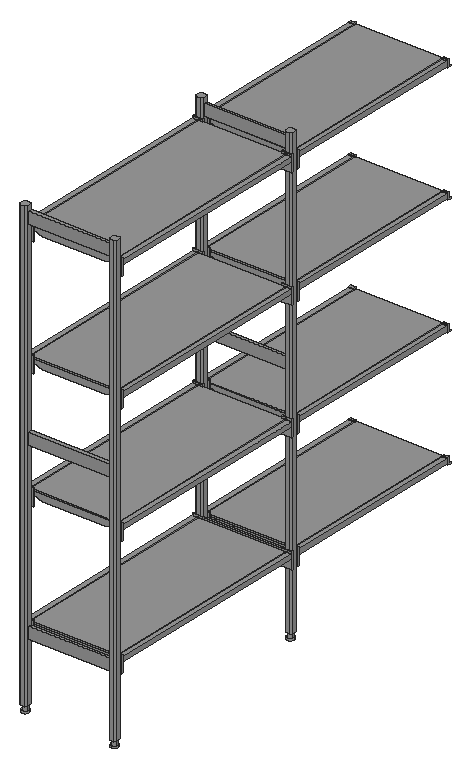
Revit family "QF_ZANUSSI_137059_ACS1574", category Attrezzature speciali, Revit 2020
Family settings
  Quota connettore circolare = Usa diametro
  Tipo di parte = Normale
  Basato su piano di lavoro = No
  Sempre verticale = Sì
  Taglio con vuoti quando caricato = No
  Condiviso = No
  Punto di calcolo locali = No
Parameters (values of type "Standard")
  Weight = 27.00 kg
  Watts = 0 W
  Volts = 0 V
  URL Manufacturer = "http://www.zanussiprofessional.com"
  URL = "http://www.zanussiprofessional.com"
  Steam Supply Size = 0 mm
  Steam Supply Minimum Pressure = 0.0 Pa
  Steam Supply Maximum Pressure = 0.0 Pa
  Steam Consumption per Hour = 0
  Refrigeration Suction Line Size = 0.0 mm
  Refrigeration Liquid Line Size = 0.0 mm
  Refrigerant Compressor Remote = yes
  Prospetto di default = 0.0 mm
  Phase = 0
  Modello = "ACS1574"
  Produttore = "Zanussi"
  Length Actual = 1578.0 mm  # constant formula
  Item Number = "137059"
  Hot Water Size = 0 mm
  Height Actual = 1700.0 mm  # constant formula
  HP = "0 HP"
  Gas Size = 0 mm
  Gas KW = 0
  Gas Input Pressure = 0 W
  Direct Waste Size = 0 mm
  Descrizione = "ALUM.CORNER SHELV.-POLY.TIERS-373X1578MM"
  Depth Actual = 373.0 mm  # constant formula
  Cycle = 0 Hz
  Condensate Return Size = 0 mm
  Compressed Air Volume = 0.0 L/s
  Compressed Air Size = 0 mm
  Compressed Air Pressure = 0.0 Pa
  Cold Water Size = 0 mm
  Accessory = yes
Reference planes
  plane 1: z = 0
  plane 2 "CenterLeft": y = -535.5
  plane 3 "FRONT": y = -921.5
  plane 4 "LEFT": x = 192.5
  plane 5 "RIGHT": x = 565.5
  plane 6 "TOP": z = 1700
  plane 7: y = -889.5
  plane 8: y = -91.5
  plane 9 "Center (Left/Back)": x = 379
  plane 10: x = 205
  plane 11: x = 515
  plane 12 "FEET": z = 25
  plane 13: z = 275
  plane 14: z = 725
  plane 15: z = 1175
  plane 16: z = 1625
  plane 17 "CXLeft": y = -907.5
  plane 18 "Center (Front/Back)": y = -73.5
  plane 19 "CYFront": x = 510
  plane 20: y = 652.5
  plane 21: y = -55.5
  plane 22 "BACK": y = 656.5
  plane 23 "LEFT_ORIGIN": x = 158.5
  plane 24 "BACK_ORIGIN": y = 1029.5
Forms (mm)
  Extrusion 1, solid, material "QF_Aluminum"
    sketch origin (38.022, -921.5, -4.006) x (-1, 0, 0) y (0, 0, 1)
      loop
        line (-189.5, 1637.003) -> (-173.5, 1637.003) -> (-173.5, 1655) -> (-175.493, 1655) -> (-175.493, 1648.501) -> (-506.5, 1648.501) -> (-506.5, 1655) -> (-508.5, 1655) -> (-508.5, 1637.003) -> (-492.5, 1637.003) -> (-458.5, 1625) -> (-223.5, 1625) -> (-189.5, 1637.003)
      loop
        line (-189.5, 1187.003) -> (-173.5, 1187.003) -> (-173.5, 1205) -> (-175.493, 1205) -> (-175.493, 1198.501) -> (-506.5, 1198.501) -> (-506.5, 1205) -> (-508.5, 1205) -> (-508.5, 1187.003) -> (-492.5, 1187.003) -> (-458.5, 1175) -> (-223.5, 1175) -> (-189.5, 1187.003)
      loop
        line (-189.5, 737.003) -> (-173.5, 737.003) -> (-173.5, 755) -> (-175.493, 755) -> (-175.493, 748.501) -> (-506.5, 748.501) -> (-506.5, 755) -> (-508.5, 755) -> (-508.5, 737.003) -> (-492.5, 737.003) -> (-458.5, 725) -> (-223.5, 725) -> (-189.5, 737.003)
      loop
        line (-189.5, 287.003) -> (-173.5, 287.003) -> (-173.5, 305) -> (-175.493, 305) -> (-175.493, 298.501) -> (-506.5, 298.501) -> (-506.5, 305) -> (-508.5, 305) -> (-508.5, 287.003) -> (-492.5, 287.003) -> (-458.5, 275) -> (-223.5, 275) -> (-189.5, 287.003)
    from 37 to 32
  Extrusion 2, solid, material "QF_Aluminum"
    sketch origin (38.022, -921.5, 0) x (-1, 0, 0) y (0, 0, 1)
      loop
        line (-154.478, 246.005) -> (-154.478, 307.993) -> (-190.471, 307.993) -> (-190.471, 246.005) -> (-154.478, 246.005)
      loop
        line (-527.478, 246.005) -> (-491.484, 246.005) -> (-491.484, 307.993) -> (-527.478, 307.993) -> (-527.478, 246.005)
      loop
        line (-154.478, 696.005) -> (-154.478, 757.993) -> (-190.471, 757.993) -> (-190.471, 696.005) -> (-154.478, 696.005)
      loop
        line (-527.478, 696.005) -> (-491.484, 696.005) -> (-491.484, 757.993) -> (-527.478, 757.993) -> (-527.478, 696.005)
      loop
        line (-154.478, 1146.005) -> (-154.478, 1207.993) -> (-190.471, 1207.993) -> (-190.471, 1146.005) -> (-154.478, 1146.005)
      loop
        line (-527.478, 1146.005) -> (-491.484, 1146.005) -> (-491.484, 1207.993) -> (-527.478, 1207.993) -> (-527.478, 1146.005)
      loop
        line (-154.478, 1596.005) -> (-154.478, 1657.993) -> (-190.471, 1657.993) -> (-190.471, 1596.005) -> (-154.478, 1596.005)
      loop
        line (-527.478, 1596.005) -> (-491.484, 1596.005) -> (-491.484, 1657.993) -> (-527.478, 1657.993) -> (-527.478, 1596.005)
    from 28 to 32
  Extrusion 3, solid, material "QF_Aluminum"
    sketch origin (38.022, -921.5, 0) x (-1, 0, 0) y (0, 0, 1)
      loop
        line (-154.5, 1650.994) -> (-173.5, 1650.994) -> (-173.5, 1632.998) -> (-154.5, 1632.998) -> (-154.5, 1650.994)
      loop
        line (-154.5, 1200.994) -> (-173.5, 1200.994) -> (-173.5, 1182.998) -> (-154.5, 1182.998) -> (-154.5, 1200.994)
      loop
        line (-154.5, 750.994) -> (-173.5, 750.994) -> (-173.5, 732.998) -> (-154.5, 732.998) -> (-154.5, 750.994)
      loop
        line (-154.5, 300.994) -> (-173.5, 300.994) -> (-173.5, 282.998) -> (-154.5, 282.998) -> (-154.5, 300.994)
      loop
        line (-527.455, 1650.994) -> (-527.455, 1632.998) -> (-508.455, 1632.998) -> (-508.455, 1650.994) -> (-527.455, 1650.994)
      loop
        line (-527.455, 1200.994) -> (-527.455, 1182.998) -> (-508.455, 1182.998) -> (-508.455, 1200.994) -> (-527.455, 1200.994)
      loop
        line (-527.455, 750.994) -> (-527.455, 732.998) -> (-508.455, 732.998) -> (-508.455, 750.994) -> (-527.455, 750.994)
      loop
        line (-527.455, 300.994) -> (-527.455, 282.998) -> (-508.455, 282.998) -> (-508.455, 300.994) -> (-527.455, 300.994)
    from 32 to 830
  Extrusion 4, solid, material "QF_Polyethylene"
    sketch origin (38.022, -921.5, 0) x (-1, 0, 0) y (0, 0, 1)
      loop
        line (-175.493, 1650.994) -> (-506.5, 1650.994) -> (-506.5, 1644.496) -> (-175.493, 1644.496) -> (-175.493, 1650.994)
      loop
        line (-175.493, 1200.994) -> (-506.5, 1200.994) -> (-506.5, 1194.496) -> (-175.493, 1194.496) -> (-175.493, 1200.994)
      loop
        line (-175.493, 750.994) -> (-506.5, 750.994) -> (-506.5, 744.496) -> (-175.493, 744.496) -> (-175.493, 750.994)
      loop
        line (-175.493, 300.994) -> (-506.5, 300.994) -> (-506.5, 294.496) -> (-175.493, 294.496) -> (-175.493, 300.994)
    from 32 to 830
  Extrusion 5, solid, material "QF_Aluminum"
    sketch origin (38.022, 684.5, 0) x (-1, 0, 0) y (0, 0, 1)
      loop
        line (-154.5, 1650.994) -> (-173.5, 1650.994) -> (-173.5, 1632.998) -> (-154.5, 1632.998) -> (-154.5, 1650.994)
      loop
        line (-508.5, 1650.994) -> (-527.455, 1650.994) -> (-527.455, 1632.998) -> (-508.5, 1632.998) -> (-508.5, 1650.994)
      loop
        line (-154.5, 1200.994) -> (-173.5, 1200.994) -> (-173.5, 1182.998) -> (-154.5, 1182.998) -> (-154.5, 1200.994)
      loop
        line (-508.5, 1200.994) -> (-527.455, 1200.994) -> (-527.455, 1182.998) -> (-508.5, 1182.998) -> (-508.5, 1200.994)
      loop
        line (-154.5, 750.994) -> (-173.5, 750.994) -> (-173.5, 732.998) -> (-154.5, 732.998) -> (-154.5, 750.994)
      loop
        line (-508.5, 750.994) -> (-527.455, 750.994) -> (-527.455, 732.998) -> (-508.5, 732.998) -> (-508.5, 750.994)
      loop
        line (-154.5, 300.994) -> (-173.5, 300.994) -> (-173.5, 282.998) -> (-154.5, 282.998) -> (-154.5, 300.994)
      loop
        line (-508.5, 300.994) -> (-527.455, 300.994) -> (-527.455, 282.998) -> (-508.5, 282.998) -> (-508.5, 300.994)
    from -32 to -740
  Extrusion 6, solid, material "QF_Polyethylene"
    sketch origin (38.022, 684.5, 0) x (-1, 0, 0) y (0, 0, 1)
      loop
        line (-175.493, 1650.994) -> (-506.5, 1650.994) -> (-506.5, 1644.496) -> (-175.493, 1644.496) -> (-175.493, 1650.994)
      loop
        line (-175.493, 1200.994) -> (-506.5, 1200.994) -> (-506.5, 1194.496) -> (-175.493, 1194.496) -> (-175.493, 1200.994)
      loop
        line (-175.493, 750.994) -> (-506.5, 750.994) -> (-506.5, 744.496) -> (-175.493, 744.496) -> (-175.493, 750.994)
      loop
        line (-175.493, 300.994) -> (-506.5, 300.994) -> (-506.5, 294.496) -> (-175.493, 294.496) -> (-175.493, 300.994)
    from -32 to -740
Lines and regions (mm)
  symbolic lines
    curve 1: line (205, -912.5, 1700) -> (515, -912.5, 1700)
    curve 2: line (515, -902.5, 1700) -> (205, -902.5, 1700)
    curve 3: line (192.5, -893.5, 1700) -> (192.5, -87.5, 1700)
    curve 4: line (565.5, -889.5, 1700) -> (565.5, -91.5, 1700)
    curve 5: line (192.5, -59.5, 1700) -> (192.5, 656.5, 1700)
    curve 6: line (565.5, -59.5, 1700) -> (565.5, 656.5, 1700)
    curve 7: line (211.522, 652.5, 1700) -> (510.507, 652.5, 1700)
    curve 8: line (211.522, -91.5, 1700) -> (510.507, -91.5, 1700)
    curve 9: line (510.507, -55.5, 1700) -> (211.522, -55.5, 1700)
    curve 10: line (211.522, -889.5, 1700) -> (510.507, -889.5, 1700)
    curve 11: line (211.522, -889.5, 1700) -> (211.522, -91.5, 1700)
    curve 12: line (546.478, -91.5, 1700) -> (546.478, -889.5, 1700)
    curve 13: line (211.522, -55.5, 1700) -> (211.522, 652.5, 1700)
    curve 14: line (546.522, 652.5, 1700) -> (546.522, -145.5, 1700)
Dimensions and locks
  plane 3 "FRONT" to plane 2 "CenterLeft" = 386.0 mm
  locked: plane 6 "TOP" to level at 1700
  locked: plane 7 to plane 8 at 798
  locked: plane 10 to plane 11 at 310
  plane 10 to plane 9 "Center (Left/Back)" to plane 11 = 174.0 mm, 136.0 mm
  equal spacing: plane 4 "LEFT", plane 9 "Center (Left/Back)", plane 5 "RIGHT"
  plane 12 "FEET" to level = 25.0 mm
  plane 6 "TOP" to plane 12 "FEET" = 1675.0 mm
  plane 13 to plane 12 "FEET" = 250.0 mm
  plane 14 to plane 13 = 450.0 mm
  plane 15 to plane 14 = 450.0 mm
  plane 16 to plane 15 = 450.0 mm
  plane 19 "CYFront" to Extrusion 1 sketch curve = 34.522 mm
  locked: plane 21 to plane 20 at 708
  locked: plane 8 to plane 18 "Center (Front/Back)" at 18
  locked: plane 18 "Center (Front/Back)" to plane 21 at 18
  locked: plane 3 "FRONT" to plane 7 at 32
  locked: plane 4 "LEFT" to plane 5 "RIGHT" at 373
  locked: plane 23 "LEFT_ORIGIN" to plane 5 "RIGHT" at 407
  locked: plane 22 "BACK" to plane 24 "BACK_ORIGIN" at 373
  locked: plane 22 "BACK" to plane 3 "FRONT" at 1578
  aligned and locked: level to plane 1
  aligned and locked: Extrusion 1 to plane 7
  aligned and locked: plane 7 to Extrusion 2
  aligned and locked: Extrusion 4 to plane 7
  aligned and locked: plane 8 to Extrusion 4
  aligned and locked: Extrusion 3 to plane 7
  aligned and locked: plane 8 to Extrusion 3
  aligned and locked: Extrusion 1 sketch curve to Extrusion 1 sketch curve  (x3)
  aligned and locked: Extrusion 4 sketch curve to Extrusion 1  (x4)
  aligned and locked: Extrusion 5 sketch curve to Extrusion 5 sketch curve  (x2)
  aligned and locked: Extrusion 5 to plane 21  (x5)
  aligned and locked: Extrusion 6 to plane 21  (x5)
  aligned and locked: nested 2 to plane 18 "Center (Front/Back)"
  aligned and locked: nested 1 to plane 17 "CXLeft"
  aligned and locked: plane 7 to Extrusion 3  (x3)
  aligned and locked: Extrusion 3 to plane 8  (x4)
  aligned and locked: Extrusion 4 to plane 8  (x4)
  aligned and locked: plane 20 to Extrusion 5
  aligned and locked: plane 20 to Extrusion 6
  aligned and locked: Extrusion 5 to plane 20  (x3)
  aligned and locked: Extrusion 6 to plane 20  (x3)
  aligned and locked: plane 9 "Center (Left/Back)" to nested 2
  aligned and locked: nested 3 to plane 22 "BACK"
Automatic sketch dimensions
  curve 1 to plane 10 = 0.0 mm
  curve 1 to plane 11 = 0.0 mm
  curve 2 to plane 10 = 0.0 mm
  curve 2 to plane 11 = 0.0 mm
  curve 3 to plane 4 "LEFT" = 0.0 mm
  plane 7 to curve 10 = 0.0 mm
  curve 4 to plane 5 "RIGHT" = 0.0 mm
  plane 7 to curve 4 = 0.0 mm
  plane 8 to curve 8 = 0.0 mm
  plane 8 to curve 4 = 0.0 mm
  curve 6 to plane 5 "RIGHT" = 0.0 mm
  curve 5 to plane 4 "LEFT" = 0.0 mm
  curve 9 to plane 21 = 0.0 mm
  plane 20 to curve 7 = 0.0 mm
  plane 7 to curve 3 = 4.0 mm
  plane 17 "CXLeft" to curve 2 = 5.0 mm
  curve 1 to plane 17 "CXLeft" = 5.0 mm
  curve 3 to plane 8 = 4.0 mm
  curve 6 to plane 21 = 4.0 mm
  curve 5 to plane 21 = 4.0 mm
  curve 6 to plane 20 = 4.0 mm
  curve 5 to plane 20 = 4.0 mm
  plane 11 to curve 10 = 4.493 mm
  plane 11 to curve 9 = 4.493 mm
  plane 11 to curve 8 = 4.493 mm
  plane 11 to curve 7 = 4.493 mm
  curve 8 to plane 10 = 6.522 mm
  curve 7 to plane 10 = 6.522 mm
  Extrusion 1 sketch curve to plane 19 "CYFront" = 36.522 mm  (x4)
  Extrusion 1 sketch curve to plane 11 = 15.522 mm  (x4)
  Extrusion 1 sketch curve to plane 13 = 4.006 mm
  Extrusion 1 sketch curve to Extrusion 1 sketch curve = 34.0 mm  (x4)
  Extrusion 1 sketch curve to plane 14 = 4.006 mm
  Extrusion 1 sketch curve to plane 15 = 4.006 mm
  Extrusion 1 sketch curve to plane 16 = 4.006 mm
  Extrusion 1 sketch curve to plane 10 = 56.522 mm  (x4)
  Extrusion 1 sketch curve to plane 10 = 22.522 mm  (x4)
  plane 13 to Extrusion 1 sketch curve = 7.998 mm  (x2)
  Extrusion 1 sketch curve to Extrusion 1 sketch curve = 11.498 mm  (x4)
  Extrusion 1 sketch curve to Extrusion 1 sketch curve = 6.499 mm  (x8)
  plane 14 to Extrusion 1 sketch curve = 7.998 mm  (x2)
  plane 15 to Extrusion 1 sketch curve = 7.998 mm  (x2)
  plane 16 to Extrusion 1 sketch curve = 7.998 mm  (x2)
  Extrusion 2 sketch curve to plane 5 "RIGHT" = 0.0 mm  (x4)
  Extrusion 2 sketch curve to plane 4 "LEFT" = 0.0 mm  (x4)
  Extrusion 2 sketch curve to plane 11 = 14.507 mm  (x4)
  Extrusion 2 sketch curve to plane 10 = 23.493 mm  (x4)
  Extrusion 2 sketch curve to plane 13 = 28.995 mm  (x2)
  plane 13 to Extrusion 2 sketch curve = 32.993 mm  (x2)
  Extrusion 2 sketch curve to plane 14 = 28.995 mm  (x2)
  plane 14 to Extrusion 2 sketch curve = 32.993 mm  (x2)
  Extrusion 2 sketch curve to plane 15 = 28.995 mm  (x2)
  plane 15 to Extrusion 2 sketch curve = 32.993 mm  (x2)
  Extrusion 2 sketch curve to plane 16 = 28.995 mm  (x2)
  plane 16 to Extrusion 2 sketch curve = 32.993 mm  (x2)
  plane 13 to Extrusion 4 sketch curve = 19.496 mm
  Extrusion 4 sketch curve to Extrusion 4 sketch curve = 6.499 mm  (x4)
  plane 14 to Extrusion 4 sketch curve = 19.496 mm
  plane 15 to Extrusion 4 sketch curve = 19.496 mm
  plane 16 to Extrusion 4 sketch curve = 19.496 mm
  plane 5 "RIGHT" to Extrusion 5 sketch curve = 0.022 mm  (x4)
  Extrusion 5 sketch curve to plane 4 "LEFT" = 19.022 mm  (x4)
  Extrusion 5 sketch curve to plane 19 "CYFront" = 36.522 mm  (x2)
  plane 13 to Extrusion 5 sketch curve = 7.998 mm  (x2)
  Extrusion 5 sketch curve to Extrusion 5 sketch curve = 17.997 mm  (x8)
  plane 14 to Extrusion 5 sketch curve = 7.998 mm  (x2)
  plane 15 to Extrusion 5 sketch curve = 7.998 mm  (x2)
  plane 16 to Extrusion 5 sketch curve = 7.998 mm  (x2)
  Extrusion 6 sketch curve to plane 19 "CYFront" = 34.522 mm  (x4)
  plane 13 to Extrusion 6 sketch curve = 19.496 mm
  Extrusion 6 sketch curve to Extrusion 6 sketch curve = 6.499 mm  (x4)
  plane 14 to Extrusion 6 sketch curve = 19.496 mm
  plane 15 to Extrusion 6 sketch curve = 19.496 mm
  plane 16 to Extrusion 6 sketch curve = 19.496 mm
  plane 5 "RIGHT" to Extrusion 3 sketch curve = 0.022 mm  (x4)
  Extrusion 3 sketch curve to Extrusion 3 sketch curve = 19.0 mm  (x4)
  plane 14 to Extrusion 3 sketch curve = 7.998 mm  (x2)
  Extrusion 3 sketch curve to plane 10 = 6.522 mm  (x4)
  Extrusion 3 sketch curve to plane 4 "LEFT" = 0.022 mm  (x4)
  plane 13 to Extrusion 3 sketch curve = 25.994 mm  (x2)
  plane 13 to Extrusion 3 sketch curve = 7.998 mm  (x2)
  Extrusion 3 sketch curve to Extrusion 3 sketch curve = 17.997 mm  (x6)
  plane 15 to Extrusion 3 sketch curve = 7.998 mm  (x2)
  plane 16 to Extrusion 3 sketch curve = 7.998 mm  (x2)
  plane 7 to curve 12 = 0.0 mm
  plane 8 to curve 12 = 0.0 mm
  curve 4 to curve 12 = 19.022 mm
  Extrusion 1 sketch curve to plane 10 = 8.516 mm  (x4)
  Extrusion 1 sketch curve to plane 10 = 6.522 mm  (x2)
  Extrusion 1 sketch curve to Extrusion 1 sketch curve = 1.993 mm  (x2)
  Extrusion 4 sketch curve to plane 10 = 8.516 mm  (x4)
  Extrusion 5 sketch curve to plane 4 "LEFT" = 0.022 mm  (x4)
  Extrusion 6 sketch curve to plane 10 = 8.516 mm  (x4)
Nested families
  nested 1: "WT_Anta373" at (215.5, -504.5, 0) x (0, 1, 0) z (0, 0, 1), type "WT_Anta373"
  nested 2: "WT_Anta373Center" at (215.5, 329.5, 0) x (0, 1, 0) z (0, 0, 1), type "WT_Anta373Center"
  nested 3: "WT_Aggancio373" at (215.5, 1064.5, 0) x (0, 1, 0) z (0, 0, 1), type "WT_Aggancio373"
Definition of nested family "WT_Anta373"
  Parameters
    WidthLeft = A + 64.0 mm  # 772.0 mm
    Width = 1606.0 mm
    Right = WidthLeft / 2  # 386.0 mm
    Default Elevation = 0.0 mm
    Left = -WidthLeft / 2  # -386.0 mm
    Height = 1725.0 mm
    FEET = 25.0 mm
    E = 0.0 mm
    Dint = Depth - 63.0 mm  # 310.0 mm
    Dext = Depth - 8.0 mm  # 365.0 mm
    Depth = 373.0 mm
    DX = (WidthLeft - A) / 2  # 32.0 mm
    B = 798.0 mm
    A = 708.0 mm
  Reference planes
    plane 1: z = 0
    plane 2 "LEFT": x = -417
    plane 3 "BACK": y = 23
    plane 4 "FRONT": y = -350
    plane 5 "TOP": z = 1725
    plane 6 "Center (Front/Back)": y = -163.5
    plane 7: y = -8.5
    plane 8: y = -318.5
    plane 9 "FEET": z = 25
    plane 10: z = 275
    plane 11: z = 725
    plane 12: z = 1175
    plane 13: z = 1625
    plane 14 "CXLeft": x = -403
    plane 15: y = 5.5
    plane 16 "CYBack": y = 5.5
    plane 17 "CYFront": y = -332.5
    plane 18: x = -385.031
    plane 19: x = -380.031
  Forms (mm)
    Extrusion 1, solid
      sketch origin (0, 0, 0) x (1, 0, 0) y (0, 1, 0)
        loop
          line (-417, 13.246) -> (-417, -2.246) -> (-410.746, -8.5) -> (-395.254, -8.5) -> (-389, -2.246) -> (-389, 13.246) -> (-395.254, 19.5) -> (-410.746, 19.5) -> (-417, 13.246)
      from 1725 to 25
    Extrusion 2, solid
      sketch origin (-417, 0, 0) x (0, 1, 0) y (0, 0, 1)
        loop
          line (23, 246.005) -> (23, 307.993) -> (-12.993, 307.993) -> (-12.993, 246.005) -> (23, 246.005)
        loop
          line (-350, 246.005) -> (-314.007, 246.005) -> (-314.007, 307.993) -> (-350, 307.993) -> (-350, 246.005)
        loop
          line (23, 696.005) -> (23, 757.993) -> (-12.993, 757.993) -> (-12.993, 696.005) -> (23, 696.005)
        loop
          line (-350, 696.005) -> (-314.007, 696.005) -> (-314.007, 757.993) -> (-350, 757.993) -> (-350, 696.005)
        loop
          line (23, 1146.005) -> (23, 1207.993) -> (-12.993, 1207.993) -> (-12.993, 1146.005) -> (23, 1146.005)
        loop
          line (-350, 1146.005) -> (-314.007, 1146.005) -> (-314.007, 1207.993) -> (-350, 1207.993) -> (-350, 1146.005)
        loop
          line (23, 1596.005) -> (23, 1657.993) -> (-12.993, 1657.993) -> (-12.993, 1596.005) -> (23, 1596.005)
        loop
          line (-350, 1596.005) -> (-314.007, 1596.005) -> (-314.007, 1657.993) -> (-350, 1657.993) -> (-350, 1596.005)
      from 28 to 32
    Revolve 3, solid
      sketch origin (-403, 0, 0) x (0, 1, 0) y (0, 0, 1)
        loop
          line (5.5, 25) -> (5.5, 0) -> (19, 0) -> (19, 5) -> (14, 5) -> (14, 25) -> (5.5, 25)
        axis (5.5, 25) -> (5.5, 0)
      angle from 0 to 360
    Extrusion 4, solid
      sketch origin (-403, 0, 0) x (0, 1, 0) y (0, 0, 1)
        loop
          line (-8.5, 912.382) -> (-8.5, 957.374) -> (-318.5, 957.374) -> (-318.5, 912.382) -> (-8.5, 912.382)
        loop
          line (-8.5, 1662.244) -> (-8.5, 1707.236) -> (-318.5, 1707.236) -> (-318.5, 1662.244) -> (-8.5, 1662.244)
      from -5 to 5
    Revolve 5, solid
      sketch origin (-403, -627, 0) x (0, -1, 0) y (0, 0, 1)
        loop
          line (-294.5, 25) -> (-294.5, 0) -> (-281, 0) -> (-281, 5) -> (-286, 5) -> (-286, 25) -> (-294.5, 25)
        axis (-294.5, 25) -> (-294.5, 0)
      angle from 0 to 360
    Extrusion 6, solid
      sketch origin (0, -627, 0) x (1, 0, 0) y (0, 1, 0)
        loop
          line (-417, 286.754) -> (-410.746, 280.5) -> (-395.254, 280.5) -> (-389, 286.754) -> (-389, 302.246) -> (-395.254, 308.5) -> (-410.746, 308.5) -> (-417, 302.246) -> (-417, 286.754)
      from 1725 to 25
    Extrusion 7, solid
      sketch origin (-417.031, -0.022, 0) x (0, 1, 0) y (0, 0, -1)
        loop
          line (-12, -1632.998) -> (-46, -1620.994) -> (-281, -1620.994) -> (-315, -1632.998) -> (-331, -1632.998) -> (-331, -1650.994) -> (-329, -1650.994) -> (-329, -1644.496) -> (2.007, -1644.496) -> (2.007, -1650.994) -> (4, -1650.994) -> (4, -1632.998) -> (-12, -1632.998)
        loop
          line (-12, -1182.998) -> (-46, -1170.994) -> (-281, -1170.994) -> (-315, -1182.998) -> (-331, -1182.998) -> (-331, -1200.994) -> (-329, -1200.994) -> (-329, -1194.496) -> (2.007, -1194.496) -> (2.007, -1200.994) -> (4, -1200.994) -> (4, -1182.998) -> (-12, -1182.998)
        loop
          line (-12, -732.998) -> (-46, -720.994) -> (-281, -720.994) -> (-315, -732.998) -> (-331, -732.998) -> (-331, -750.994) -> (-329, -750.994) -> (-329, -744.496) -> (2.007, -744.496) -> (2.007, -750.994) -> (4, -750.994) -> (4, -732.998) -> (-12, -732.998)
        loop
          line (-12, -282.998) -> (-46, -270.994) -> (-281, -270.994) -> (-315, -282.998) -> (-331, -282.998) -> (-331, -300.994) -> (-329, -300.994) -> (-329, -294.496) -> (2.007, -294.496) -> (2.007, -300.994) -> (4, -300.994) -> (4, -282.998) -> (-12, -282.998)
      from -32 to -37
    Extrusion 8, solid
      sketch origin (-403, 0, -659.878) x (0, 1, 0) y (0, 0, 1)
        loop
          line (-8.5, 912.382) -> (-8.5, 957.374) -> (-318.5, 957.374) -> (-318.5, 912.382) -> (-8.5, 912.382)
        loop
          line (-8.5, 1572.382) -> (-8.5, 1617.374) -> (-318.5, 1617.374) -> (-318.5, 1572.382) -> (-8.5, 1572.382)
        loop
          line (-8.5, 2322.382) -> (-8.5, 2367.374) -> (-318.5, 2367.374) -> (-318.5, 2322.382) -> (-8.5, 2322.382)
      from -5 to 5
  Lines and regions (mm)
    symbolic lines
      curve 1: line (-408, -8.5, 1725) -> (-408, -318.5, 1725)
      curve 2: line (-398, -318.5, 1725) -> (-398, -8.5, 1725)
      curve 3: line (-395.254, -8.5, 1725) -> (-410.746, -8.5, 1725)
      curve 4: line (-417, -2.246, 1725) -> (-410.746, -8.5, 1725)
      curve 5: line (-417, 13.246, 1725) -> (-417, -2.246, 1725)
      curve 6: line (-410.746, 19.5, 1725) -> (-417, 13.246, 1725)
      curve 7: line (-395.254, 19.5, 1725) -> (-410.746, 19.5, 1725)
      curve 8: line (-389, 13.246, 1725) -> (-395.254, 19.5, 1725)
      curve 9: line (-395.254, -8.5, 1725) -> (-389, -2.246, 1725)
      curve 10: line (-395.254, -318.5, 1725) -> (-410.746, -318.5, 1725)
      curve 11: line (-417, -324.754, 1725) -> (-410.746, -318.5, 1725)
      curve 12: line (-410.746, -346.5, 1725) -> (-417, -340.246, 1725)
      curve 13: line (-395.254, -346.5, 1725) -> (-410.746, -346.5, 1725)
      curve 14: line (-389, -340.246, 1725) -> (-395.254, -346.5, 1725)
      curve 15: line (-395.254, -318.5, 1725) -> (-389, -324.754, 1725)
      curve 16: line (-389, -350, 1725) -> (-389, -314.007, 1725)
      curve 17: line (-389, -314.007, 1725) -> (-385, -314.007, 1725)
      curve 18: line (-389, 23, 1725) -> (-389, -12.993, 1725)
      curve 19: line (-389, -12.993, 1725) -> (-385, -12.993, 1725)
      curve 20: line (-417, -324.754, 1725) -> (-417, -340.246, 1725)
      curve 21: line (-385, -350, 1725) -> (-385, -314.007, 1725)
      curve 22: line (-385, -350, 1725) -> (-389, -350, 1725)
      curve 23: line (-385, 23, 1725) -> (-389, 23, 1725)
      curve 24: line (-385, -12.993, 1725) -> (-385, 23, 1725)
      curve 25: line (-385.031, -13.016, 1725) -> (-385.031, -314.029, 1725)
  Dimensions and locks
    "Height": plane 5 "TOP" to level
    "Depth": plane 3 "BACK" to plane 4 "FRONT"
    "Dint": plane 7 to plane 8
    equal spacing: plane 7, plane 6 "Center (Front/Back)", plane 8
    equal spacing: plane 3 "BACK", plane 6 "Center (Front/Back)", plane 4 "FRONT"
    plane 9 "FEET" to level = 25.0 mm
    plane 5 "TOP" to plane 9 "FEET" = 1700.0 mm
    plane 10 to plane 9 "FEET" = 250.0 mm
    plane 11 to plane 10 = 450.0 mm
    plane 12 to plane 11 = 450.0 mm
    plane 13 to plane 12 = 450.0 mm
    locked: plane 2 "LEFT" to plane 14 "CXLeft" at 14
    locked: plane 3 "BACK" to plane 16 "CYBack" at 17.5
    locked: plane 17 "CYFront" to plane 4 "FRONT" at 17.5
    locked: Revolve 3 sketch curve to Revolve 3 sketch curve at 8.5
    locked: Revolve 3 sketch curve to plane 16 "CYBack" at 13.5
    locked: Revolve 5 sketch curve to Revolve 5 sketch curve at 8.5
    aligned and locked: level to plane 1
    aligned and locked: curve 20 to Extrusion 6
    aligned and locked: plane 5 "TOP" to Extrusion 1
    aligned and locked: plane 5 "TOP" to Extrusion 6
    aligned and locked: Extrusion 7 sketch curve to Extrusion 7 sketch curve  (x3)
  Automatic sketch dimensions
    curve 16 to plane 4 "FRONT" = 0.0 mm
    curve 11 to plane 8 = 0.0 mm
    curve 9 to plane 7 = 0.0 mm
    curve 5 to plane 2 "LEFT" = 0.0 mm
    curve 23 to plane 3 "BACK" = 0.0 mm
    plane 4 "FRONT" to curve 13 = 3.5 mm
    curve 20 to plane 17 "CYFront" = 7.746 mm
    curve 20 to plane 8 = 6.254 mm
    plane 8 to curve 16 = 4.493 mm
    curve 24 to plane 18 = 0.031 mm
    curve 24 to plane 7 = 4.493 mm
    plane 7 to curve 5 = 6.254 mm
    curve 5 to plane 15 = 7.746 mm
    curve 6 to plane 3 "BACK" = 3.5 mm
    curve 21 to plane 18 = 0.031 mm
    plane 18 to curve 23 = 3.969 mm
    plane 18 to curve 16 = 3.969 mm
    curve 18 to curve 8 = 6.254 mm
    curve 18 to curve 3 = 6.254 mm
    curve 16 to curve 13 = 6.254 mm
    curve 16 to curve 15 = 6.254 mm
    plane 2 "LEFT" to curve 10 = 6.254 mm
    plane 2 "LEFT" to curve 7 = 6.254 mm
    plane 2 "LEFT" to curve 12 = 6.254 mm
    plane 2 "LEFT" to curve 3 = 6.254 mm
    curve 14 to plane 17 "CYFront" = 7.746 mm
    curve 15 to plane 8 = 6.254 mm
    plane 7 to curve 9 = 6.254 mm
    curve 8 to plane 15 = 7.746 mm
    curve 3 to curve 2 = 2.746 mm
    curve 1 to curve 10 = 2.746 mm
    Extrusion 1 sketch curve to plane 2 "LEFT" = 0.0 mm
    Extrusion 1 sketch curve to plane 7 = 0.0 mm
    plane 2 "LEFT" to Extrusion 1 sketch curve = 6.254 mm  (x2)
    plane 14 "CXLeft" to Extrusion 1 sketch curve = 7.746 mm  (x2)
    Extrusion 1 sketch curve to plane 3 "BACK" = 3.5 mm
    plane 18 to Extrusion 1 sketch curve = 3.969 mm
    plane 7 to Extrusion 1 sketch curve = 6.254 mm  (x2)
    Extrusion 1 sketch curve to plane 15 = 7.746 mm  (x2)
    Extrusion 2 sketch curve to plane 4 "FRONT" = 0.0 mm  (x4)
    Extrusion 2 sketch curve to plane 3 "BACK" = 0.0 mm  (x4)
    plane 8 to Extrusion 2 sketch curve = 4.493 mm  (x4)
    Extrusion 2 sketch curve to plane 7 = 4.493 mm  (x4)
    Extrusion 2 sketch curve to plane 10 = 28.995 mm  (x2)
    plane 10 to Extrusion 2 sketch curve = 32.993 mm  (x2)
    Extrusion 2 sketch curve to plane 11 = 28.995 mm  (x2)
    plane 11 to Extrusion 2 sketch curve = 32.993 mm  (x2)
    Extrusion 2 sketch curve to plane 12 = 28.995 mm  (x2)
    plane 12 to Extrusion 2 sketch curve = 32.993 mm  (x2)
    Extrusion 2 sketch curve to plane 13 = 28.995 mm  (x2)
    plane 13 to Extrusion 2 sketch curve = 32.993 mm  (x2)
    Revolve 3 sketch curve to plane 9 "FEET" = 0.0 mm  (x2)
    Revolve 3 sketch curve to plane 15 = 0.0 mm  (x2)
    Revolve 3 sketch curve to level = 0.0 mm
    level to Revolve 3 sketch curve = 5.0 mm
    Revolve 3 sketch curve to Revolve 3 sketch curve = 11.655 mm
    Extrusion 4 sketch curve to plane 8 = 0.0 mm  (x2)
    Extrusion 4 sketch curve to plane 7 = 0.0 mm  (x2)
    plane 11 to Extrusion 4 sketch curve = 187.382 mm
    Extrusion 4 sketch curve to Extrusion 4 sketch curve = 44.992 mm
    plane 13 to Extrusion 4 sketch curve = 37.244 mm
    Extrusion 4 sketch curve to plane 5 "TOP" = 17.764 mm
    Revolve 5 sketch curve to plane 9 "FEET" = 0.0 mm  (x2)
    Revolve 5 sketch curve to plane 17 "CYFront" = 0.0 mm  (x2)
    Revolve 5 sketch curve to level = 0.0 mm
    Revolve 5 sketch curve to plane 4 "FRONT" = 4.0 mm
    Revolve 5 sketch curve to Revolve 5 sketch curve = 5.0 mm
    level to Revolve 5 sketch curve = 11.655 mm
    Extrusion 6 sketch curve to plane 2 "LEFT" = 0.0 mm
    Extrusion 6 sketch curve to plane 8 = 0.0 mm
    Extrusion 6 sketch curve to plane 2 "LEFT" = 6.254 mm  (x2)
    Extrusion 6 sketch curve to plane 14 "CXLeft" = 7.746 mm  (x2)
    Extrusion 6 sketch curve to plane 4 "FRONT" = 3.5 mm
    Extrusion 6 sketch curve to plane 18 = 3.969 mm
    plane 8 to Extrusion 6 sketch curve = 6.254 mm  (x2)
    plane 17 "CYFront" to Extrusion 6 sketch curve = 7.746 mm  (x2)
    plane 17 "CYFront" to Extrusion 7 sketch curve = 1.478 mm  (x4)
    Extrusion 7 sketch curve to Extrusion 7 sketch curve = 2.0 mm
    plane 8 to Extrusion 7 sketch curve = 3.478 mm  (x4)
    Extrusion 7 sketch curve to plane 10 = 4.006 mm
    Extrusion 7 sketch curve to Extrusion 7 sketch curve = 34.0 mm  (x4)
    Extrusion 7 sketch curve to plane 11 = 4.006 mm
    Extrusion 7 sketch curve to plane 12 = 4.006 mm
    Extrusion 7 sketch curve to plane 13 = 4.006 mm
    Extrusion 7 sketch curve to plane 7 = 37.522 mm  (x4)
    Extrusion 7 sketch curve to plane 7 = 3.522 mm  (x4)
    plane 15 to Extrusion 7 sketch curve = 3.516 mm  (x4)
    plane 15 to Extrusion 7 sketch curve = 1.522 mm  (x4)
    plane 13 to Extrusion 7 sketch curve = 7.998 mm  (x2)
    Extrusion 7 sketch curve to Extrusion 7 sketch curve = 11.498 mm
    Extrusion 7 sketch curve to Extrusion 7 sketch curve = 6.499 mm  (x5)
    plane 12 to Extrusion 7 sketch curve = 25.994 mm  (x2)
    plane 12 to Extrusion 7 sketch curve = 7.998 mm  (x2)
    plane 11 to Extrusion 7 sketch curve = 25.994 mm  (x2)
    plane 11 to Extrusion 7 sketch curve = 7.998 mm  (x2)
    plane 10 to Extrusion 7 sketch curve = 25.994 mm  (x2)
    plane 10 to Extrusion 7 sketch curve = 7.998 mm  (x2)
    curve 25 to plane 18 = 0.0 mm
    plane 8 to curve 25 = 4.471 mm
    curve 25 to plane 7 = 4.516 mm
    Extrusion 8 sketch curve to plane 8 = 0.0 mm  (x3)
    Extrusion 8 sketch curve to plane 7 = 0.0 mm  (x3)
    Extrusion 8 sketch curve to plane 10 = 22.496 mm
    plane 10 to Extrusion 8 sketch curve = 22.496 mm
    plane 11 to Extrusion 8 sketch curve = 187.504 mm
    Extrusion 8 sketch curve to Extrusion 8 sketch curve = 44.992 mm
    plane 13 to Extrusion 8 sketch curve = 37.504 mm
    Extrusion 8 sketch curve to plane 5 "TOP" = 17.504 mm
Definition of nested family "WT_Anta373Center"
  Parameters
    WidthLeft = A + 64.0 mm  # 772.0 mm
    Width = 1606.0 mm
    Right = WidthLeft / 2  # 386.0 mm
    Default Elevation = 0.0 mm
    Left = -WidthLeft / 2  # -386.0 mm
    Height = 1725.0 mm
    FEET = 25.0 mm
    E = 0.0 mm
    Dint = Depth - 63.0 mm  # 310.0 mm
    Dext = Depth - 8.0 mm  # 365.0 mm
    Depth = 373.0 mm
    DX = (WidthLeft - A) / 2  # 32.0 mm
    B = 798.0 mm
    A = 708.0 mm
  Reference planes
    plane 1: z = 0
    plane 2 "L": x = -417
    plane 3 "BACK": y = 23
    plane 4 "FRONT": y = -350
    plane 5 "TOP": z = 1725
    plane 6 "Center (Front/Back)": y = -163.5
    plane 7: y = -8.5
    plane 8: y = -318.5
    plane 9 "FEET": z = 25
    plane 10: z = 275
    plane 11: z = 725
    plane 12: z = 1175
    plane 13: z = 1625
    plane 14 "CXLeft": x = -403
    plane 15: y = 5.5
    plane 16 "CYBack": y = 5.5
    plane 17 "CYFront": y = -332.5
    plane 18: x = -385.031
    plane 19 "RIGHT": x = -380.031
    plane 20: x = -420.969
    plane 21 "LEFT": x = -425.969
  Forms (mm)
    Extrusion 1, solid
      sketch origin (0, 0, 0) x (1, 0, 0) y (0, 1, 0)
        loop
          line (-417, 13.246) -> (-417, -2.246) -> (-410.746, -8.5) -> (-395.254, -8.5) -> (-389, -2.246) -> (-389, 13.246) -> (-395.254, 19.5) -> (-410.746, 19.5) -> (-417, 13.246)
      from 1725 to 25
    Extrusion 2, solid
      sketch origin (-417, 0, 0) x (0, 1, 0) y (0, 0, 1)
        loop
          line (23, 246.005) -> (23, 307.993) -> (-12.993, 307.993) -> (-12.993, 246.005) -> (23, 246.005)
        loop
          line (-350, 246.005) -> (-314.007, 246.005) -> (-314.007, 307.993) -> (-350, 307.993) -> (-350, 246.005)
        loop
          line (23, 696.005) -> (23, 757.993) -> (-12.993, 757.993) -> (-12.993, 696.005) -> (23, 696.005)
        loop
          line (-350, 696.005) -> (-314.007, 696.005) -> (-314.007, 757.993) -> (-350, 757.993) -> (-350, 696.005)
        loop
          line (23, 1146.005) -> (23, 1207.993) -> (-12.993, 1207.993) -> (-12.993, 1146.005) -> (23, 1146.005)
        loop
          line (-350, 1146.005) -> (-314.007, 1146.005) -> (-314.007, 1207.993) -> (-350, 1207.993) -> (-350, 1146.005)
        loop
          line (23, 1596.005) -> (23, 1657.993) -> (-12.993, 1657.993) -> (-12.993, 1596.005) -> (23, 1596.005)
        loop
          line (-350, 1596.005) -> (-314.007, 1596.005) -> (-314.007, 1657.993) -> (-350, 1657.993) -> (-350, 1596.005)
      from 28 to 32
    Revolve 3, solid
      sketch origin (-403, 0, 0) x (0, 1, 0) y (0, 0, 1)
        loop
          line (5.5, 25) -> (5.5, 0) -> (19, 0) -> (19, 5) -> (14, 5) -> (14, 25) -> (5.5, 25)
        axis (5.5, 25) -> (5.5, 0)
      angle from 0 to 360
    Extrusion 4, solid
      sketch origin (-403, 0, 0) x (0, 1, 0) y (0, 0, 1)
        loop
          line (-8.5, 912.382) -> (-8.5, 957.374) -> (-318.5, 957.374) -> (-318.5, 912.382) -> (-8.5, 912.382)
        loop
          line (-8.5, 1662.244) -> (-8.5, 1707.236) -> (-318.5, 1707.236) -> (-318.5, 1662.244) -> (-8.5, 1662.244)
      from -5 to 5
    Revolve 5, solid
      sketch origin (-403, -627, 0) x (0, -1, 0) y (0, 0, 1)
        loop
          line (-294.5, 25) -> (-294.5, 0) -> (-281, 0) -> (-281, 5) -> (-286, 5) -> (-286, 25) -> (-294.5, 25)
        axis (-294.5, 25) -> (-294.5, 0)
      angle from 0 to 360
    Extrusion 6, solid
      sketch origin (0, -627, 0) x (1, 0, 0) y (0, 1, 0)
        loop
          line (-417, 286.754) -> (-410.746, 280.5) -> (-395.254, 280.5) -> (-389, 286.754) -> (-389, 302.246) -> (-395.254, 308.5) -> (-410.746, 308.5) -> (-417, 302.246) -> (-417, 286.754)
      from 1725 to 25
    Extrusion 7, solid
      sketch origin (-417.031, -0.022, 0) x (0, 1, 0) y (0, 0, -1)
        loop
          line (-12, -1632.998) -> (-46, -1620.994) -> (-281, -1620.994) -> (-315, -1632.998) -> (-331, -1632.998) -> (-331, -1650.994) -> (-329, -1650.994) -> (-329, -1644.496) -> (2.007, -1644.496) -> (2.007, -1650.994) -> (4, -1650.994) -> (4, -1632.998) -> (-12, -1632.998)
        loop
          line (-12, -1182.998) -> (-46, -1170.994) -> (-281, -1170.994) -> (-315, -1182.998) -> (-331, -1182.998) -> (-331, -1200.994) -> (-329, -1200.994) -> (-329, -1194.496) -> (2.007, -1194.496) -> (2.007, -1200.994) -> (4, -1200.994) -> (4, -1182.998) -> (-12, -1182.998)
        loop
          line (-12, -732.998) -> (-46, -720.994) -> (-281, -720.994) -> (-315, -732.998) -> (-331, -732.998) -> (-331, -750.994) -> (-329, -750.994) -> (-329, -744.496) -> (2.007, -744.496) -> (2.007, -750.994) -> (4, -750.994) -> (4, -732.998) -> (-12, -732.998)
        loop
          line (-12, -282.998) -> (-46, -270.994) -> (-281, -270.994) -> (-315, -282.998) -> (-331, -282.998) -> (-331, -300.994) -> (-329, -300.994) -> (-329, -294.496) -> (2.007, -294.496) -> (2.007, -300.994) -> (4, -300.994) -> (4, -282.998) -> (-12, -282.998)
      from -32 to -37
    Extrusion 8, solid
      sketch origin (-403, 0, -659.878) x (0, 1, 0) y (0, 0, 1)
        loop
          line (-8.5, 912.382) -> (-8.5, 957.374) -> (-318.5, 957.374) -> (-318.5, 912.382) -> (-8.5, 912.382)
        loop
          line (-8.5, 1572.382) -> (-8.5, 1617.374) -> (-318.5, 1617.374) -> (-318.5, 1572.382) -> (-8.5, 1572.382)
        loop
          line (-8.5, 2322.382) -> (-8.5, 2367.374) -> (-318.5, 2367.374) -> (-318.5, 2322.382) -> (-8.5, 2322.382)
      from -5 to 5
    Extrusion 9, solid
      sketch origin (-389, 0, 0) x (0, 1, 0) y (0, 0, -1)
        loop
          line (23, -246.005) -> (-12.993, -246.005) -> (-12.993, -307.993) -> (23, -307.993) -> (23, -246.005)
        loop
          line (-350, -246.005) -> (-350, -307.993) -> (-314.007, -307.993) -> (-314.007, -246.005) -> (-350, -246.005)
        loop
          line (23, -696.005) -> (-12.993, -696.005) -> (-12.993, -757.993) -> (23, -757.993) -> (23, -696.005)
        loop
          line (-350, -696.005) -> (-350, -757.993) -> (-314.007, -757.993) -> (-314.007, -696.005) -> (-350, -696.005)
        loop
          line (23, -1146.005) -> (-12.993, -1146.005) -> (-12.993, -1207.993) -> (23, -1207.993) -> (23, -1146.005)
        loop
          line (-350, -1146.005) -> (-350, -1207.993) -> (-314.007, -1207.993) -> (-314.007, -1146.005) -> (-350, -1146.005)
        loop
          line (23, -1596.005) -> (-12.993, -1596.005) -> (-12.993, -1657.993) -> (23, -1657.993) -> (23, -1596.005)
        loop
          line (-350, -1596.005) -> (-350, -1657.993) -> (-314.007, -1657.993) -> (-314.007, -1596.005) -> (-350, -1596.005)
      from 28 to 32
    Extrusion 10, solid
      sketch origin (-388.969, -0.022, 0) x (0, 1, 0) y (0, 0, 1)
        loop
          line (-12, 1632.998) -> (4, 1632.998) -> (4, 1650.994) -> (2.007, 1650.994) -> (2.007, 1644.496) -> (-329, 1644.496) -> (-329, 1650.994) -> (-331, 1650.994) -> (-331, 1632.998) -> (-315, 1632.998) -> (-281, 1620.994) -> (-46, 1620.994) -> (-12, 1632.998)
        loop
          line (-12, 1182.998) -> (4, 1182.998) -> (4, 1200.994) -> (2.007, 1200.994) -> (2.007, 1194.496) -> (-329, 1194.496) -> (-329, 1200.994) -> (-331, 1200.994) -> (-331, 1182.998) -> (-315, 1182.998) -> (-281, 1170.994) -> (-46, 1170.994) -> (-12, 1182.998)
        loop
          line (-12, 732.998) -> (4, 732.998) -> (4, 750.994) -> (2.007, 750.994) -> (2.007, 744.496) -> (-329, 744.496) -> (-329, 750.994) -> (-331, 750.994) -> (-331, 732.998) -> (-315, 732.998) -> (-281, 720.994) -> (-46, 720.994) -> (-12, 732.998)
        loop
          line (-12, 282.998) -> (4, 282.998) -> (4, 300.994) -> (2.007, 300.994) -> (2.007, 294.496) -> (-329, 294.496) -> (-329, 300.994) -> (-331, 300.994) -> (-331, 282.998) -> (-315, 282.998) -> (-281, 270.994) -> (-46, 270.994) -> (-12, 282.998)
      from -32 to -37
  Lines and regions (mm)
    symbolic lines
      curve 1: line (-408, -8.5, 1725) -> (-408, -318.5, 1725)
      curve 2: line (-398, -318.5, 1725) -> (-398, -8.5, 1725)
      curve 3: line (-395.254, -8.5, 1725) -> (-410.746, -8.5, 1725)
      curve 4: line (-417, -2.246, 1725) -> (-410.746, -8.5, 1725)
      curve 5: line (-410.746, 19.5, 1725) -> (-417, 13.246, 1725)
      curve 6: line (-395.254, 19.5, 1725) -> (-410.746, 19.5, 1725)
      curve 7: line (-389, 13.246, 1725) -> (-395.254, 19.5, 1725)
      curve 8: line (-395.254, -8.5, 1725) -> (-389, -2.246, 1725)
      curve 9: line (-395.254, -318.5, 1725) -> (-410.746, -318.5, 1725)
      curve 10: line (-417, -324.754, 1725) -> (-410.746, -318.5, 1725)
      curve 11: line (-410.746, -346.5, 1725) -> (-417, -340.246, 1725)
      curve 12: line (-395.254, -346.5, 1725) -> (-410.746, -346.5, 1725)
      curve 13: line (-389, -340.246, 1725) -> (-395.254, -346.5, 1725)
      curve 14: line (-395.254, -318.5, 1725) -> (-389, -324.754, 1725)
      curve 15: line (-389, -350, 1725) -> (-389, -314.007, 1725)
      curve 16: line (-389, -314.007, 1725) -> (-385, -314.007, 1725)
      curve 17: line (-389, 23, 1725) -> (-389, -12.993, 1725)
      curve 18: line (-389, -12.993, 1725) -> (-385, -12.993, 1725)
      curve 19: line (-385, -350, 1725) -> (-385, -314.007, 1725)
      curve 20: line (-385, -350, 1725) -> (-389, -350, 1725)
      curve 21: line (-385, 23, 1725) -> (-389, 23, 1725)
      curve 22: line (-385, -12.993, 1725) -> (-385, 23, 1725)
      curve 23: line (-385.031, -13.016, 1725) -> (-385.031, -314.029, 1725)
      curve 24: line (-417, -350, 1725) -> (-417, -314.007, 1725)
      curve 25: line (-417, -314.007, 1725) -> (-421, -314.007, 1725)
      curve 26: line (-417, 23, 1725) -> (-417, -12.993, 1725)
      curve 27: line (-417, -12.993, 1725) -> (-421, -12.993, 1725)
      curve 28: line (-421, -350, 1725) -> (-421, -314.007, 1725)
      curve 29: line (-421, -350, 1725) -> (-417, -350, 1725)
      curve 30: line (-421, 23, 1725) -> (-417, 23, 1725)
      curve 31: line (-421, -12.993, 1725) -> (-421, 23, 1725)
      curve 32: line (-420.969, -13.016, 1725) -> (-420.969, -314.029, 1725)
  Dimensions and locks
    "Height": plane 5 "TOP" to level
    "Depth": plane 3 "BACK" to plane 4 "FRONT"
    "Dint": plane 7 to plane 8
    equal spacing: plane 7, plane 6 "Center (Front/Back)", plane 8
    equal spacing: plane 3 "BACK", plane 6 "Center (Front/Back)", plane 4 "FRONT"
    plane 9 "FEET" to level = 25.0 mm
    plane 5 "TOP" to plane 9 "FEET" = 1700.0 mm
    plane 10 to plane 9 "FEET" = 250.0 mm
    plane 11 to plane 10 = 450.0 mm
    plane 12 to plane 11 = 450.0 mm
    plane 13 to plane 12 = 450.0 mm
    locked: plane 3 "BACK" to plane 16 "CYBack" at 17.5
    locked: plane 17 "CYFront" to plane 4 "FRONT" at 17.5
    locked: Revolve 3 sketch curve to Revolve 3 sketch curve at 8.5
    locked: Revolve 3 sketch curve to plane 16 "CYBack" at 13.5
    locked: Revolve 5 sketch curve to Revolve 5 sketch curve at 8.5
    aligned and locked: level to plane 1
    aligned and locked: plane 5 "TOP" to Extrusion 1
    aligned and locked: plane 5 "TOP" to Extrusion 6
    aligned and locked: Extrusion 7 sketch curve to Extrusion 7 sketch curve  (x3)
    aligned and locked: Extrusion 10 sketch curve to Extrusion 10 sketch curve  (x3)
  Automatic sketch dimensions
    curve 15 to plane 4 "FRONT" = 0.0 mm
    curve 28 to plane 4 "FRONT" = 0.0 mm
    curve 9 to plane 8 = 0.0 mm
    curve 25 to plane 2 "L" = 0.0 mm
    curve 8 to plane 7 = 0.0 mm
    curve 17 to plane 3 "BACK" = 0.0 mm
    curve 30 to plane 3 "BACK" = 0.0 mm
    plane 4 "FRONT" to curve 11 = 3.5 mm
    curve 19 to plane 18 = 0.031 mm
    plane 8 to curve 19 = 4.493 mm
    plane 8 to curve 25 = 4.493 mm
    curve 27 to plane 20 = 0.031 mm
    curve 27 to plane 7 = 4.493 mm
    curve 17 to plane 7 = 4.493 mm
    curve 5 to plane 15 = 7.746 mm
    curve 7 to plane 3 "BACK" = 3.5 mm
    curve 18 to plane 18 = 0.031 mm
    plane 18 to curve 21 = 3.969 mm
    plane 18 to curve 20 = 3.969 mm
    curve 15 to curve 9 = 6.254 mm
    curve 17 to curve 7 = 6.254 mm
    curve 17 to curve 3 = 6.254 mm
    curve 15 to curve 12 = 6.254 mm
    plane 2 "L" to curve 12 = 6.254 mm
    plane 2 "L" to curve 4 = 6.254 mm
    plane 2 "L" to curve 10 = 6.254 mm
    plane 2 "L" to curve 5 = 6.254 mm
    curve 28 to plane 20 = 0.031 mm
    curve 13 to plane 17 "CYFront" = 7.746 mm
    curve 14 to plane 8 = 6.254 mm
    plane 7 to curve 8 = 6.254 mm
    curve 7 to plane 15 = 7.746 mm
    curve 9 to curve 2 = 2.746 mm
    curve 1 to curve 9 = 2.746 mm
    Extrusion 1 sketch curve to plane 2 "L" = 0.0 mm
    Extrusion 1 sketch curve to plane 7 = 0.0 mm
    plane 2 "L" to Extrusion 1 sketch curve = 6.254 mm  (x2)
    plane 14 "CXLeft" to Extrusion 1 sketch curve = 7.746 mm  (x2)
    Extrusion 1 sketch curve to plane 3 "BACK" = 3.5 mm
    plane 18 to Extrusion 1 sketch curve = 3.969 mm
    plane 7 to Extrusion 1 sketch curve = 6.254 mm  (x2)
    Extrusion 1 sketch curve to plane 15 = 7.746 mm  (x2)
    Extrusion 2 sketch curve to plane 4 "FRONT" = 0.0 mm  (x4)
    Extrusion 2 sketch curve to plane 3 "BACK" = 0.0 mm  (x4)
    plane 8 to Extrusion 2 sketch curve = 4.493 mm  (x4)
    Extrusion 2 sketch curve to plane 7 = 4.493 mm  (x4)
    Extrusion 2 sketch curve to plane 10 = 28.995 mm  (x2)
    plane 10 to Extrusion 2 sketch curve = 32.993 mm  (x2)
    Extrusion 2 sketch curve to plane 11 = 28.995 mm  (x2)
    plane 11 to Extrusion 2 sketch curve = 32.993 mm  (x2)
    Extrusion 2 sketch curve to plane 12 = 28.995 mm  (x2)
    plane 12 to Extrusion 2 sketch curve = 32.993 mm  (x2)
    Extrusion 2 sketch curve to plane 13 = 28.995 mm  (x2)
    plane 13 to Extrusion 2 sketch curve = 32.993 mm  (x2)
    Revolve 3 sketch curve to plane 9 "FEET" = 0.0 mm  (x2)
    Revolve 3 sketch curve to plane 15 = 0.0 mm  (x2)
    Revolve 3 sketch curve to level = 0.0 mm
    level to Revolve 3 sketch curve = 5.0 mm
    Revolve 3 sketch curve to Revolve 3 sketch curve = 11.655 mm
    Extrusion 4 sketch curve to plane 8 = 0.0 mm  (x2)
    Extrusion 4 sketch curve to plane 7 = 0.0 mm  (x2)
    plane 11 to Extrusion 4 sketch curve = 187.382 mm
    Extrusion 4 sketch curve to Extrusion 4 sketch curve = 44.992 mm
    plane 13 to Extrusion 4 sketch curve = 37.244 mm
    Extrusion 4 sketch curve to plane 5 "TOP" = 17.764 mm
    Revolve 5 sketch curve to plane 9 "FEET" = 0.0 mm  (x2)
    Revolve 5 sketch curve to plane 17 "CYFront" = 0.0 mm  (x2)
    Revolve 5 sketch curve to level = 0.0 mm
    Revolve 5 sketch curve to plane 4 "FRONT" = 4.0 mm
    Revolve 5 sketch curve to Revolve 5 sketch curve = 5.0 mm
    level to Revolve 5 sketch curve = 11.655 mm
    Extrusion 6 sketch curve to plane 2 "L" = 0.0 mm
    Extrusion 6 sketch curve to plane 8 = 0.0 mm
    Extrusion 6 sketch curve to plane 2 "L" = 6.254 mm  (x2)
    Extrusion 6 sketch curve to plane 14 "CXLeft" = 7.746 mm  (x2)
    Extrusion 6 sketch curve to plane 4 "FRONT" = 3.5 mm
    Extrusion 6 sketch curve to plane 18 = 3.969 mm
    plane 8 to Extrusion 6 sketch curve = 6.254 mm  (x2)
    plane 17 "CYFront" to Extrusion 6 sketch curve = 7.746 mm  (x2)
    plane 17 "CYFront" to Extrusion 7 sketch curve = 1.478 mm  (x4)
    Extrusion 7 sketch curve to Extrusion 7 sketch curve = 2.0 mm
    plane 8 to Extrusion 7 sketch curve = 3.478 mm  (x4)
    Extrusion 7 sketch curve to plane 10 = 4.006 mm
    Extrusion 7 sketch curve to Extrusion 7 sketch curve = 34.0 mm  (x4)
    Extrusion 7 sketch curve to plane 11 = 4.006 mm
    Extrusion 7 sketch curve to plane 12 = 4.006 mm
    Extrusion 7 sketch curve to plane 13 = 4.006 mm
    Extrusion 7 sketch curve to plane 7 = 37.522 mm  (x4)
    Extrusion 7 sketch curve to plane 7 = 3.522 mm  (x4)
    plane 15 to Extrusion 7 sketch curve = 3.516 mm  (x4)
    plane 15 to Extrusion 7 sketch curve = 1.522 mm  (x4)
    plane 13 to Extrusion 7 sketch curve = 7.998 mm  (x2)
    Extrusion 7 sketch curve to Extrusion 7 sketch curve = 11.498 mm
    Extrusion 7 sketch curve to Extrusion 7 sketch curve = 6.499 mm  (x5)
    plane 12 to Extrusion 7 sketch curve = 25.994 mm  (x2)
    plane 12 to Extrusion 7 sketch curve = 7.998 mm  (x2)
    plane 11 to Extrusion 7 sketch curve = 25.994 mm  (x2)
    plane 11 to Extrusion 7 sketch curve = 7.998 mm  (x2)
    plane 10 to Extrusion 7 sketch curve = 25.994 mm  (x2)
    plane 10 to Extrusion 7 sketch curve = 7.998 mm  (x2)
    curve 23 to plane 18 = 0.0 mm
    curve 32 to plane 20 = 0.0 mm
    plane 8 to curve 23 = 4.471 mm
    plane 8 to curve 32 = 4.471 mm
    curve 32 to plane 7 = 4.516 mm
    curve 23 to plane 7 = 4.516 mm
    Extrusion 8 sketch curve to plane 8 = 0.0 mm  (x3)
    Extrusion 8 sketch curve to plane 7 = 0.0 mm  (x3)
    Extrusion 8 sketch curve to plane 10 = 22.496 mm
    plane 10 to Extrusion 8 sketch curve = 22.496 mm
    plane 11 to Extrusion 8 sketch curve = 187.504 mm
    Extrusion 8 sketch curve to Extrusion 8 sketch curve = 44.992 mm
    plane 13 to Extrusion 8 sketch curve = 37.504 mm
    Extrusion 8 sketch curve to plane 5 "TOP" = 17.504 mm
    Extrusion 9 sketch curve to plane 4 "FRONT" = 0.0 mm  (x4)
    Extrusion 9 sketch curve to plane 3 "BACK" = 0.0 mm  (x4)
    plane 8 to Extrusion 9 sketch curve = 4.493 mm  (x4)
    Extrusion 9 sketch curve to plane 7 = 4.493 mm  (x4)
    plane 13 to Extrusion 9 sketch curve = 32.993 mm  (x2)
    Extrusion 9 sketch curve to plane 13 = 28.995 mm  (x2)
    plane 12 to Extrusion 9 sketch curve = 32.993 mm  (x2)
    Extrusion 9 sketch curve to plane 12 = 28.995 mm  (x2)
    plane 11 to Extrusion 9 sketch curve = 32.993 mm  (x2)
    Extrusion 9 sketch curve to plane 11 = 28.995 mm  (x2)
    plane 10 to Extrusion 9 sketch curve = 32.993 mm  (x2)
    Extrusion 9 sketch curve to plane 10 = 28.995 mm  (x2)
    plane 17 "CYFront" to Extrusion 10 sketch curve = 1.478 mm  (x4)
    Extrusion 10 sketch curve to Extrusion 10 sketch curve = 2.0 mm
    plane 8 to Extrusion 10 sketch curve = 3.478 mm  (x4)
    Extrusion 10 sketch curve to plane 10 = 4.006 mm
    Extrusion 10 sketch curve to Extrusion 10 sketch curve = 34.0 mm  (x4)
    Extrusion 10 sketch curve to plane 11 = 4.006 mm
    Extrusion 10 sketch curve to plane 12 = 4.006 mm
    Extrusion 10 sketch curve to plane 13 = 4.006 mm
    Extrusion 10 sketch curve to plane 7 = 37.522 mm  (x4)
    Extrusion 10 sketch curve to plane 7 = 3.522 mm  (x4)
    plane 15 to Extrusion 10 sketch curve = 3.516 mm  (x4)
    plane 15 to Extrusion 10 sketch curve = 1.522 mm  (x4)
    plane 10 to Extrusion 10 sketch curve = 7.998 mm  (x2)
    Extrusion 10 sketch curve to Extrusion 10 sketch curve = 11.498 mm  (x4)
    Extrusion 10 sketch curve to Extrusion 10 sketch curve = 6.499 mm  (x8)
    plane 11 to Extrusion 10 sketch curve = 7.998 mm  (x2)
    plane 12 to Extrusion 10 sketch curve = 7.998 mm  (x2)
    plane 13 to Extrusion 10 sketch curve = 7.998 mm  (x2)
    curve 4 to plane 2 "L" = 0.0 mm
    plane 7 to curve 4 = 6.254 mm
    curve 11 to plane 17 "CYFront" = 7.746 mm
    curve 10 to plane 8 = 6.254 mm
Definition of nested family "WT_Aggancio373"
  Parameters
    WidthLeft = A + 64.0 mm  # 772.0 mm
    Width = 1606.0 mm
    Right = WidthLeft / 2  # 386.0 mm
    Default Elevation = 0.0 mm
    Left = -WidthLeft / 2  # -386.0 mm
    Height = 1725.0 mm
    FEET = 25.0 mm
    E = 0.0 mm
    Dint = Depth - 63.0 mm  # 310.0 mm
    Dext = Depth - 8.0 mm  # 365.0 mm
    Depth = 373.0 mm
    DX = (WidthLeft - A) / 2  # 32.0 mm
    B = 798.0 mm
    A = 708.0 mm
  Reference planes
    plane 1: z = 0
    plane 2 "LEFT": x = -417
    plane 3 "BACK": y = 23
    plane 4 "FRONT": y = -350
    plane 5 "TOP": z = 1725
    plane 6 "Center (Front/Back)": y = -163.5
    plane 7: y = -8.5
    plane 8: y = -318.5
    plane 9 "FEET": z = 25
    plane 10: z = 275
    plane 11: z = 725
    plane 12: z = 1175
    plane 13: z = 1625
    plane 14: y = 5.5
    plane 15 "CYBack": y = 5.5
    plane 16 "CYFront": y = -332.5
  Forms (mm)
    Extrusion 1, solid
      sketch origin (-380, -0.022, 0) x (0, 1, 0) y (0, 0, 1)
        loop
          line (-12, 1632.998) -> (4, 1632.998) -> (4, 1650.994) -> (2.007, 1650.994) -> (2.007, 1644.496) -> (-329, 1644.496) -> (-329, 1650.994) -> (-331, 1650.994) -> (-331, 1632.998) -> (-315, 1632.998) -> (-281, 1620.994) -> (-46, 1620.994) -> (-12, 1632.998)
        loop
          line (-12, 1182.998) -> (4, 1182.998) -> (4, 1200.994) -> (2.007, 1200.994) -> (2.007, 1194.496) -> (-329, 1194.496) -> (-329, 1200.994) -> (-331, 1200.994) -> (-331, 1182.998) -> (-315, 1182.998) -> (-281, 1170.994) -> (-46, 1170.994) -> (-12, 1182.998)
        loop
          line (-12, 732.998) -> (4, 732.998) -> (4, 750.994) -> (2.007, 750.994) -> (2.007, 744.496) -> (-329, 744.496) -> (-329, 750.994) -> (-331, 750.994) -> (-331, 732.998) -> (-315, 732.998) -> (-281, 720.994) -> (-46, 720.994) -> (-12, 732.998)
        loop
          line (-12, 282.998) -> (4, 282.998) -> (4, 300.994) -> (2.007, 300.994) -> (2.007, 294.496) -> (-329, 294.496) -> (-329, 300.994) -> (-331, 300.994) -> (-331, 282.998) -> (-315, 282.998) -> (-281, 270.994) -> (-46, 270.994) -> (-12, 282.998)
      from -32 to -37
    Extrusion 2, solid
      sketch origin (-793.062, -324.754, 6.5) x (1, 0, 0) y (0, 0, 1)
        loop
          line (385.062, 1644.496) -> (385.062, 1647.496) -> (376.062, 1647.496) -> (376.062, 1620.994) -> (390.031, 1620.994) -> (390.031, 1626.496) -> (381.062, 1626.496) -> (381.062, 1644.496) -> (385.062, 1644.496)
        loop
          line (385.062, 1194.496) -> (385.062, 1197.496) -> (376.062, 1197.496) -> (376.062, 1170.994) -> (390.031, 1170.994) -> (390.031, 1176.496) -> (381.062, 1176.496) -> (381.062, 1194.496) -> (385.062, 1194.496)
        loop
          line (385.062, 744.496) -> (385.062, 747.496) -> (376.062, 747.496) -> (376.062, 720.994) -> (390.031, 720.994) -> (390.031, 726.496) -> (381.062, 726.496) -> (381.062, 744.496) -> (385.062, 744.496)
        loop
          line (385.062, 294.496) -> (385.062, 297.496) -> (376.062, 297.496) -> (376.062, 270.994) -> (390.031, 270.994) -> (390.031, 276.496) -> (381.062, 276.496) -> (381.062, 294.496) -> (385.062, 294.496)
      from 6.268 to 25.246
    Extrusion 3, solid
      sketch origin (-793.062, 32.754, 6.5) x (1, 0, 0) y (0, 0, 1)
        loop
          line (385.062, 1644.496) -> (385.062, 1647.496) -> (376.062, 1647.496) -> (376.062, 1620.994) -> (390.031, 1620.994) -> (390.031, 1626.496) -> (381.062, 1626.496) -> (381.062, 1644.496) -> (385.062, 1644.496)
        loop
          line (385.062, 1194.496) -> (385.062, 1197.496) -> (376.062, 1197.496) -> (376.062, 1170.994) -> (390.031, 1170.994) -> (390.031, 1176.496) -> (381.062, 1176.496) -> (381.062, 1194.496) -> (385.062, 1194.496)
        loop
          line (385.062, 744.496) -> (385.062, 747.496) -> (376.062, 747.496) -> (376.062, 720.994) -> (390.031, 720.994) -> (390.031, 726.496) -> (381.062, 726.496) -> (381.062, 744.496) -> (385.062, 744.496)
        loop
          line (385.062, 294.496) -> (385.062, 297.496) -> (376.062, 297.496) -> (376.062, 270.994) -> (390.031, 270.994) -> (390.031, 276.496) -> (381.062, 276.496) -> (381.062, 294.496) -> (385.062, 294.496)
      from 9.754 to 28.776
  Lines and regions (mm)
    symbolic lines
      curve 1: line (-412, -350, 0) -> (-408, -350, 0)
      curve 2: line (-412, -331.022, 0) -> (-412, -350, 0)
      curve 3: line (-408, -331.022, 0) -> (-412, -331.022, 0)
      curve 4: line (-408, -350, 0) -> (-408, -331.022, 0)
      curve 5: line (-412, 3.978, 0) -> (-408, 3.978, 0)
      curve 6: line (-412, 23, 0) -> (-412, 3.978, 0)
      curve 7: line (-408, 23, 0) -> (-412, 23, 0)
      curve 8: line (-408, 3.978, 0) -> (-408, 23, 0)
  Dimensions and locks
    "Height": plane 5 "TOP" to level
    "Depth": plane 3 "BACK" to plane 4 "FRONT"
